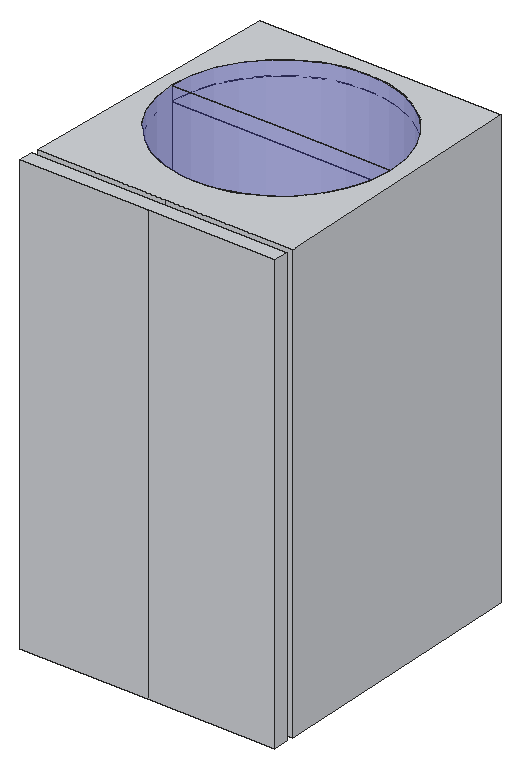
Revit family "33591_HOST_WALL", category Lighting Fixtures, host Wall, Revit 2012
Parameters (values of type "Wall Luminaires - Directed")
  Wattage = 5.38568 W
  built-in parameter 1150110 = 1 (stored number, unit not read)
  URL = "www.bega-us.com"
  built-in parameter 1114217 = 1 (stored number, unit not read)
  Tilt Angle = 90.00°
  built-in parameter 1150109 = 1 (stored number, unit not read)
  built-in parameter 1150134 = 2
  Telephone = "805.684.0533"
  built-in parameter 1150113 = 1 (stored number, unit not read)
  Photometric Web File = "33591.ies"
  Model = "33591"
  Manufacturer = "BEGA-US"
  Lumens = 800 lm
  built-in parameter 1150115 = 1 (stored number, unit not read)
  built-in parameter 1150105 = 63.662 (stored number, unit not read)
  built-in parameter 1150137 = (empty or 0)
  built-in parameter 1150139 = (empty or 0)
  built-in parameter 1150112 = 1 (stored number, unit not read)
  built-in parameter 1150114 = 1 (stored number, unit not read)
  Lamp = "13W LED"
  built-in parameter 1150132 = 2
  built-in parameter 1150102 = (empty or 0)
  built-in parameter 1150138 = (empty or 0)
  built-in parameter 1150107 = 5000 (stored number, unit not read)
  built-in parameter 1150106 = 0.63662 (stored number, unit not read)
  built-in parameter 1150104 = 13.8 (stored number, unit not read)
  Dimming Lamp Color Temperature Shift = <None>
  Description = "Wall luminaires with two-sided light output"
  Color Filter = 16777215
  built-in parameter 1114218 = 1 (stored number, unit not read)
  built-in parameter 1150133 = 10 (stored number, unit not read)
Reference planes (in)
  plane 1: y = 0
  plane 2 "Light Source Axis (F/B)": y = 6
  plane 3 "Light Source Axis (L/R)": x = -1.43133
  plane 4 "Light Source Elevation": z = 77.42225
Text (in)
  text "Placement Side" at (0, 40.15149, 123.01588), in view "Right"
  text "Placement Side" at (-70.3804, 28.46503, 0), in view "Ref. Level"
  text "Placement Side" at (0, 85.69064, 140.59947), in view "Left"
Dimensions and locks (in)
  aligned: level to host wall
  aligned and locked: plane 3 "Light Source Axis (L/R)" to imposter light
  aligned and locked: plane 2 "Light Source Axis (F/B)" to imposter light
  aligned and locked: plane 4 "Light Source Elevation" to imposter light
Nested families (in)
  nested 1: "3591LEDbase" at (-1.43133, 3, 77.42225), type "3591LEDbase"
Connectors (in)
  electrical at (-1.5, 6, 77.25)
    settings: index 1, voltage 0 V, apparent load 0 VA, apparent load phase1 0 VA, apparent load phase2 0 VA, apparent load phase3 0 VA, power factor 1, load classification "Other", number of poles 1, system type 31, power factor state 1, is connector primary yes, connector utility no, sub classification motor no, connector description ""
Definition of nested family "3591LEDbase"
  Reference planes (in)
    plane 1 "Center (Front/Back)": y = 0
    plane 2: z = 0
    plane 3 "Center (Left/Right)": x = 0
  Forms (in)
    Extrusion 1, solid
      sketch origin (0, 0, 0) x (1, 0, 0) y (0, 1, 0)
        loop
          line (0, 0) -> (2.1875, 0) -> (2.1875, 0.25) -> (-2.1875, 0.25) -> (-2.1875, 0) -> (0, 0)
        loop
          line (0, 0.375) -> (2.1875, 0.375) -> (2.0625, 5) -> (0, 5) -> (-2.0625, 5) -> (-2.1875, 0.375) -> (0, 0.375)
      from -3.75 to 3.75
    Extrusion 2, solid
      sketch origin (0, 0, 0) x (1, 0, 0) y (0, 1, 0)
        loop
          line (-2.0625, 0.25) -> (0, 0.25) -> (2.0625, 0.25) -> (2.0625, 0.375) -> (0, 0.375) -> (-2.0625, 0.375) -> (-2.0625, 0.25)
      from -3.625 to 3.625
    Extrusion 3, void
      sketch origin (0, 0, 0) x (1, 0, 0) y (0, 1, 0)
        loop
          circle (0, 2.875) r 1.875
      from -3.75 to 3.75
    Revolve 4, solid, material "Glass"
      sketch origin (0, 2.87328, 0) x (1, 0, 0) y (0, 0, 1)
        loop
          line (0, 3.75) -> (-1.875, 3.75) -> (-1.875, 3.5) -> (0, 3.5) -> (0, 3.75)
        loop
          line (0, -3.75) -> (0, -3.5) -> (-1.875, -3.5) -> (-1.875, -3.75) -> (0, -3.75)
        axis (0, 3.75) -> (0, -3.75)
      angle from 0 to 360
  Cuts and joins
    Extrusion 3 cuts Extrusion 1
  Dimensions and locks (in)
    aligned and locked: plane 2 to level
